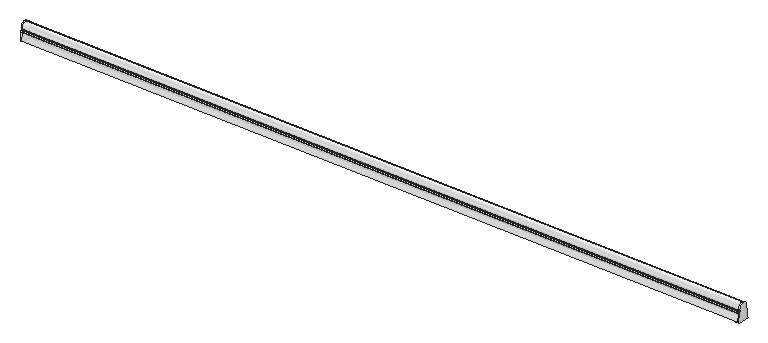
Revit family "0051030 Sylvania Lighting Fixture LED PIPE G2 L1500 WW", category Lighting Fixtures, host Face, Revit 2016
Family settings
  Host = Face
  Part Type = Normal
  Round Connector Dimension = Use Diameter
  OmniClass Number = 23.80.70.00
  OmniClass Title = Lighting
  Cut with Voids When Loaded = No
  Light Source = Yes
  Shared = No
  Room Calculation Point = No
Parameters (values of type "0051030 LED PIPE G2 L1500 WW")
  Width_SYL = 24 mm
  Weight = "6.52 kg"
  Wattage Comments = ""
  Wattage = 16 W
  WarrantyStartDate [instance] = "n/a"
  WarrantyGuarantorParts = "n/a"
  WarrantyDurationUnit = "n/a"
  WarrantyDurationParts = "n/a"
  WarrantyDescription = "n/a"
  built-in parameter 1150110 = 1 (stored number, unit not read)
  Voltage = 230 V
  URL = "http://www.sylvania-lighting.com"
  TypeName = "LED PIPE G2 L1500 WW"
  Type Image = <None>
  Type Comments = "n/a"
  built-in parameter 1114217 = 1 (stored number, unit not read)
  Tilt Angle = -90.00°
  built-in parameter 1150109 = 1 (stored number, unit not read)
  built-in parameter 1150134 = (empty or 0)
  built-in parameter 1150113 = 1 (stored number, unit not read)
  SerialNumber [instance] = "n/a"
  RadiusTop_SYL = 9.1 mm
  RadiusSmall_SYL = 1.002 mm
  RadiusShoulder_SYL = 4.5 mm
  RadiusBottom_SYL = 1.5 mm
  Photometric Web File = "0051030.ies"
  Material_3_FEILO = none
  PowerFactor = 0.9
  PowerConsumption = "16 W"
  NominalLength = 1500 mm
  NominalHeight = 35 mm
  NominalDepth = 24 mm
  Name = "LED PIPE G2 L1500 WW"
  ModelReference = Name  # "LED PIPE G2 L1500 WW"
  ModelNumber = "0051030"
  Model = Name  # "LED PIPE G2 L1500 WW"
  Material = "pc housing, pc diffuser"
  ManufacturerName = "Feilo Sylvania"
  Manufacturer = "Feilo Sylvania"
  LuminousEfficacy = "91 lm/W"
  built-in parameter 1150105 = 287.09 (stored number, unit not read)
  Lumens = 1456 lm
  LuminaireType = ""
  built-in parameter 1150115 = 1 (stored number, unit not read)
  LightOutputRatio = "n/a"
  built-in parameter 1150137 = (empty or 0)
  built-in parameter 1150139 = (empty or 0)
  Length_SYL = 1500 mm
  LampsType = Lamp  # "LED"
  LampNominalLuminous = "1450 lm"
  LampMacAdamStep = "6"
  LampColourTemperature = "3000 K"
  LampColourRenderingIndex = "80"
  built-in parameter 1150112 = 1 (stored number, unit not read)
  built-in parameter 1150114 = 1 (stored number, unit not read)
  Lamp = "LED"
  Keynote = "16500"
  InstallationDate [instance] = "n/a"
  InputVoltage = "220-240V~"
  InputNominalFrequency = "50/60 Hz"
  built-in parameter 1150132 = (empty or 0)
  built-in parameter 1150102 = (empty or 0)
  built-in parameter 1150107 = 3000 (stored number, unit not read)
  built-in parameter 1150138 = (empty or 0)
  IngressProtection = "IP20"
  ImpactProtectionIndex = "IK02"
  built-in parameter 1150106 = 2.8709 (stored number, unit not read)
  IfcExportType = "IfcLightFixtureType"
  IfcExportAs = "IfcLightFixtureType"
  Height_SYL = 35 mm
  ExpectedLife = 50000
  built-in parameter 1150127 = 10 mm
  Emit from Rectangle Length = Length_SYL - 6 mm  # 1494 mm
  Emit Shape Visible in Rendering = no
  ElectricShockClassification = "Class II"
  built-in parameter 1150104 = 8.4542 (stored number, unit not read)
  DurationUnit = "hours"
  DocumentationLiterature = "http://www.sylvania-lighting.com/product/en-int/products/0051030"
  DimmingControlOptions = "n/a"
  Material_2_FEILO = LED-Sylvania-ledpipe
  Dimming Lamp Color Temperature Shift = <None>
  Description = "LED T5 replacement batten, seamless linking (up to 10M), Ideal for direct lighting such as under cabinet or in kitchens, 150 degree beam angle, includes switch, includes 0.30m stripped cable, white polycarbonate body, includes standard and tilting brackets"
  Default Elevation = 1219.2 mm
  CreatedOn = "6/11/2018"
  CreatedBy = "aron.fodor@sylvania-lighting.com"
  Cost = 0
  Color Filter = 16777215
  built-in parameter 1114216 [instance] = (empty or 0)
  ClassificationValue = "EF_70_80"
  ClassificationName = "Uniclass2015"
  Material_1_FEILO = Body-Sylvania-ledpipe
  BarCode [instance] = "n/a"
  built-in parameter 1114218 = 1 (stored number, unit not read)
  Emit from Rectangle Width = 3048 mm
  AssetType = "Fixed"
  AssetIdentifier [instance] = "n/a"
  Assembly Code = "D5020200"
  Apparent Load = 16 VA
  Material_4_FEILO = none
Reference planes
  plane 1 "Center (Front/Back)": y = 0
  plane 2: z = 0
  plane 3 "Center (Left/Right)": x = 0
  plane 4: y = 12
  plane 5: y = -12
  plane 6: z = 35
  plane 7: z = 25.8
  plane 8: y = -10
  plane 9: z = 18.8
  plane 10: z = 21
  plane 11: x = 750
  plane 12: x = -750
  plane 13: x = 747
  plane 14: x = -747
Forms (mm)
  Extrusion 1, solid, material "Body-Sylvania-ledpipe" <- "Material_1_FEILO"
    sketch origin (0, 0, 0) x (0, 1, 0) y (0, 0, 1)
      loop
        arc (-11.824, 1.659) -> (-11.447, 0.497) -> (-10.332, 0) r 1.5
        line (-10.332, 0) -> (10.332, 0)
        arc (10.332, 0) -> (11.447, 0.497) -> (11.824, 1.659) r 1.5
        line (11.824, 1.659) -> (10.168, 17.219)
        arc (10.168, 17.219) -> (9.754, 18.682) -> (8.875, 19.925) r 4.5
        line (8.875, 19.925) -> (8.294, 20.506)
        arc (8.294, 20.506) -> (8.012, 21.058) -> (8.109, 21.67) r 1.002
        arc (8.109, 21.67) -> (7.759, 30.556) -> (0, 34.9) r 9.1
        arc (0, 34.9) -> (-7.759, 30.556) -> (-8.109, 21.67) r 9.1
        arc (-8.109, 21.67) -> (-8.012, 21.058) -> (-8.294, 20.506) r 1.002
        line (-8.294, 20.506) -> (-8.875, 19.925)
        arc (-8.875, 19.925) -> (-9.754, 18.682) -> (-10.168, 17.219) r 4.5
        line (-10.168, 17.219) -> (-11.824, 1.659)
    from -747 to 747
  Extrusion 2, solid, material "Body-Sylvania-ledpipe" <- "Material_1_FEILO"
    sketch origin (747, -4572, 2609.058) x (0, 0, 1) y (0, -1, 0)
      loop
        arc (-2587.388, -4580.109) -> (-2578.502, -4579.759) -> (-2574.158, -4572) r 9.1
        arc (-2574.158, -4572) -> (-2578.502, -4564.241) -> (-2587.388, -4563.891) r 9.1
        arc (-2587.388, -4563.891) -> (-2588, -4563.988) -> (-2588.552, -4563.706) r 1.002
        line (-2588.552, -4563.706) -> (-2589.134, -4563.125)
        arc (-2589.134, -4563.125) -> (-2590.376, -4562.246) -> (-2591.84, -4561.832) r 4.5
        line (-2591.84, -4561.832) -> (-2607.399, -4560.176)
        arc (-2607.399, -4560.176) -> (-2608.561, -4560.553) -> (-2609.058, -4561.668) r 1.5
        line (-2609.058, -4561.668) -> (-2609.058, -4582.332)
        arc (-2609.058, -4582.332) -> (-2608.561, -4583.447) -> (-2607.399, -4583.824) r 1.5
        line (-2607.399, -4583.824) -> (-2591.84, -4582.168)
        arc (-2591.84, -4582.168) -> (-2590.376, -4581.754) -> (-2589.134, -4580.875) r 4.5
        line (-2589.134, -4580.875) -> (-2588.552, -4580.294)
        arc (-2588.552, -4580.294) -> (-2588, -4580.012) -> (-2587.388, -4580.109) r 1.002
    from 0 to 3
  Extrusion 3, solid, material "Body-Sylvania-ledpipe" <- "Material_1_FEILO"
    sketch origin (-297, -4572, 2609.058) x (0, 0, 1) y (0, -1, 0)
      loop
        arc (-2587.388, -4580.109) -> (-2578.502, -4579.759) -> (-2574.158, -4572) r 9.1
        arc (-2574.158, -4572) -> (-2578.502, -4564.241) -> (-2587.388, -4563.891) r 9.1
        arc (-2587.388, -4563.891) -> (-2588, -4563.988) -> (-2588.552, -4563.706) r 1.002
        line (-2588.552, -4563.706) -> (-2589.134, -4563.125)
        arc (-2589.134, -4563.125) -> (-2590.376, -4562.246) -> (-2591.84, -4561.832) r 4.5
        line (-2591.84, -4561.832) -> (-2607.399, -4560.176)
        arc (-2607.399, -4560.176) -> (-2608.561, -4560.553) -> (-2609.058, -4561.668) r 1.5
        line (-2609.058, -4561.668) -> (-2609.058, -4582.332)
        arc (-2609.058, -4582.332) -> (-2608.561, -4583.447) -> (-2607.399, -4583.824) r 1.5
        line (-2607.399, -4583.824) -> (-2591.84, -4582.168)
        arc (-2591.84, -4582.168) -> (-2590.376, -4581.754) -> (-2589.134, -4580.875) r 4.5
        line (-2589.134, -4580.875) -> (-2588.552, -4580.294)
        arc (-2588.552, -4580.294) -> (-2588, -4580.012) -> (-2587.388, -4580.109) r 1.002
    from -450 to -453
Lines and regions (mm)
  reference lines
    curve 1: circle (0, 0, 25.8) r 9.1 normal (1, 0, 0)
    curve 2: line (0, -12, 0) -> (0, -10, 18.8)
Dimensions and locks
  equal spacing: plane 5, plane 1 "Center (Front/Back)", plane 4
  "Width_SYL": plane 5 to plane 4
  "Height_SYL": plane 6 to plane 2
  locked: plane 6 to plane 7 at 9.2
  locked: plane 5 to plane 8 at 2
  locked: plane 7 to plane 9 at 7
  locked: plane 10 to plane 9 at 2.2
  equal spacing: plane 11, plane 3 "Center (Left/Right)", plane 12
  "Length_SYL": plane 11 to plane 12
  equal spacing: plane 13, plane 3 "Center (Left/Right)", plane 14
  locked: plane 14 to plane 12 at 3
  "RadiusTop_SYL": radius of curve 1
  "RadiusSmall_SYL": radius of Extrusion 1 sketch curve
  "RadiusShoulder_SYL": radius of Extrusion 1 sketch curve
  "RadiusTop_SYL": radius of Extrusion 1 sketch curve
  "RadiusBottom_SYL": radius of Extrusion 1 sketch curve  (x2)
  aligned and locked: plane 2 to host face
  aligned and locked: level to host face
  aligned and locked: plane 7 to curve 1
  aligned and locked: plane 1 "Center (Front/Back)" to curve 1
  aligned and locked: plane 8 to curve 2
  aligned and locked: curve 2 to Extrusion 1 sketch curve  (x2)
  aligned and locked: plane 7 to Extrusion 1 sketch curve
  aligned and locked: plane 1 "Center (Front/Back)" to Extrusion 1 sketch curve
  aligned and locked: Extrusion 1 sketch curve to level
  aligned and locked: plane 13 to Extrusion 1
  aligned and locked: Extrusion 1 to plane 14
  aligned and locked: Extrusion 2 sketch curve to Extrusion 1  (x8)
  aligned and locked: plane 11 to Extrusion 2
  aligned and locked: Extrusion 2 to Extrusion 1
  aligned and locked: Extrusion 3 sketch curve to Extrusion 2  (x8)
  aligned and locked: Extrusion 3 to Extrusion 1
  aligned and locked: Extrusion 3 to plane 12
  aligned and locked: imposter light to plane 1 "Center (Front/Back)"
  aligned and locked: plane 6 to imposter light
  aligned and locked: plane 3 "Center (Left/Right)" to imposter light
Automatic sketch dimensions
  host sketch curve to host sketch curve = 2438.4 mm  (x2)
  curve 2 to level = 0 mm
  curve 2 to plane 5 = 0 mm
  curve 2 to plane 9 = 0 mm
  Extrusion 1 sketch curve to Extrusion 1 sketch curve = 0 mm
  Extrusion 1 sketch curve to plane 5 = 0.176 mm
  plane 8 to Extrusion 1 sketch curve = 0.168 mm
  plane 10 to Extrusion 1 sketch curve = 0.215 mm  (x2)
  Extrusion 1 sketch curve to plane 8 = 0.998 mm
  Extrusion 1 sketch curve to plane 10 = 1.075 mm  (x2)
  Extrusion 1 sketch curve to plane 10 = 0.494 mm  (x2)
  Extrusion 1 sketch curve to plane 9 = 2.057 mm
  Extrusion 1 sketch curve to plane 1 "Center (Front/Back)" = 5.693 mm
  plane 4 to Extrusion 1 sketch curve = 3.706 mm
  Extrusion 1 sketch curve to Extrusion 1 sketch curve = 0.582 mm
  Extrusion 1 sketch curve to Extrusion 1 sketch curve = 0.709 mm
  Extrusion 1 sketch curve to plane 9 = 1.581 mm
  plane 4 to Extrusion 1 sketch curve = 1.668 mm
  plane 4 to Extrusion 1 sketch curve = 0.176 mm
  Extrusion 2 sketch curve to Extrusion 2 sketch curve = 0.159 mm
  Extrusion 2 sketch curve to plane 5 = 0.176 mm
  plane 8 to Extrusion 2 sketch curve = 0.168 mm
  Extrusion 2 sketch curve to plane 9 = 1.581 mm
  Extrusion 2 sketch curve to plane 10 = 0.494 mm  (x2)
  Extrusion 2 sketch curve to Extrusion 2 sketch curve = 0.127 mm
  Extrusion 2 sketch curve to Extrusion 2 sketch curve = 0.582 mm
  Extrusion 3 sketch curve to Extrusion 3 sketch curve = 0.159 mm
  Extrusion 3 sketch curve to plane 5 = 0.176 mm
  plane 8 to Extrusion 3 sketch curve = 0.168 mm
  Extrusion 3 sketch curve to plane 9 = 1.581 mm
  Extrusion 3 sketch curve to plane 10 = 0.494 mm  (x2)
  Extrusion 3 sketch curve to Extrusion 3 sketch curve = 0.127 mm
  Extrusion 3 sketch curve to Extrusion 3 sketch curve = 0.582 mm
Connectors
  electrical at (0, 0, 0), driven by "Apparent Load", driven by "PowerFactor", driven by "Voltage"
    settings: index 1, voltage 230 V, apparent load 16 VA, apparent load phase1 0 VA, apparent load phase2 0 VA, apparent load phase3 0 VA, power factor 0.9, load classification "Lighting", number of poles 1, system type 30, power factor state 1, is connector primary yes, connector utility no, sub classification motor no, connector description ""
